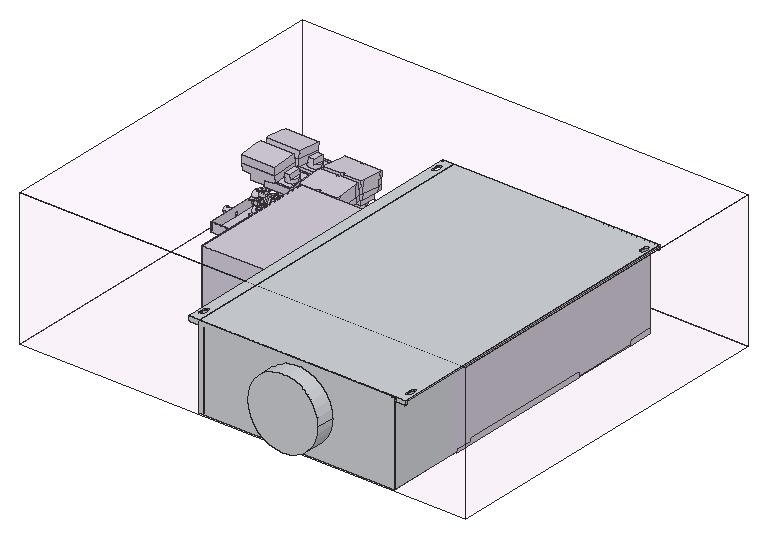
Revit family "02 - MAT235 - 200 DIS - Belimo ePIV Valves (With Bypass)", category Mechanical Equipment, host Ceiling, Revit 2018 (continued)
Definition of nested family "ePIV Valve Assembly (With Bypass)"
  Definition of nested family "FlowCon Bypass"
    Automatic sketch dimensions
      Extrusion 21 sketch curve to Extrusion 21 sketch curve = 7.794 mm
      Extrusion 21 sketch curve to Extrusion 21 sketch curve = 13.50 mm  (x3)
      Extrusion 22 sketch curve to Revolve 3 = 0.00 mm  (x2)
      Revolve 3 to Extrusion 22 sketch curve = 6.35 mm
      Extrusion 22 sketch curve to Revolve 3 = 6.35 mm
      Extrusion 22 sketch curve to Extrusion 22 sketch curve = 3.666 mm  (x3)
      Extrusion 22 sketch curve to Extrusion 22 sketch curve = 7.332 mm  (x2)
      Extrusion 23 sketch curve to Revolve 3 = 0.00 mm  (x2)
      Revolve 3 to Extrusion 23 sketch curve = 6.35 mm
      Extrusion 23 sketch curve to Revolve 3 = 6.35 mm
      Extrusion 23 sketch curve to Extrusion 23 sketch curve = 3.666 mm  (x3)
      Extrusion 23 sketch curve to Extrusion 23 sketch curve = 7.332 mm  (x2)
      Extrusion 24 sketch curve to Revolve 2 = 0.00 mm
      Extrusion 24 sketch curve to Extrusion 24 sketch curve = 40.00 mm
      Revolve 26 sketch curve to level = 0.00 mm  (x2)
      Revolve 26 sketch curve to plane 5 = 0.00 mm
      Revolve 26 sketch curve to plane 6 = 0.00 mm
      Revolve 26 sketch curve to plane 7 "Centre" = 6.50 mm
      Revolve 26 sketch curve to plane 1 "Center (Front/Back)" = 15.00 mm
      Revolve 26 sketch curve to Revolve 26 sketch curve = 4.00 mm
      Revolve 26 sketch curve to Revolve 26 sketch curve = 3.00 mm
      Revolve 26 sketch curve to plane 5 = 10.00 mm
      Revolve 26 sketch curve to Revolve 26 sketch curve = 12.973 mm
      Revolve 27 sketch curve to plane 1 "Center (Front/Back)" = 0.00 mm  (x2)
      Revolve 27 sketch curve to plane 1 "Center (Front/Back)" = 11.50 mm
      plane 4 to Revolve 27 sketch curve = 22.00 mm
      Revolve 27 sketch curve to Revolve 27 sketch curve = 5.00 mm
      Revolve 27 sketch curve to Revolve 27 sketch curve = 16.00 mm
      Extrusion 28 sketch curve to level = 0.00 mm
      Extrusion 28 sketch curve to plane 1 "Center (Front/Back)" = 0.00 mm  (x2)
      Extrusion 28 sketch curve to plane 4 = 0.00 mm
      Extrusion 29 sketch curve to Extrusion 29 sketch curve = 0.00 mm  (x12)
      plane 1 "Center (Front/Back)" to Extrusion 29 sketch curve = 0.00 mm
      Extrusion 29 sketch curve to plane 8 = 33.00 mm
      Extrusion 29 sketch curve to Extrusion 29 sketch curve = 9.50 mm
      Extrusion 29 sketch curve to Extrusion 29 sketch curve = 2.00 mm
      Extrusion 32 sketch curve to Extrusion 32 sketch curve = 0.00 mm
      Extrusion 32 sketch curve to Extrusion 32 sketch curve = 11.00 mm  (x2)
      Extrusion 32 sketch curve to Extrusion 32 sketch curve = 2.00 mm
      Extrusion 32 sketch curve to Extrusion 32 sketch curve = 38.00 mm
      Extrusion 32 sketch curve to Extrusion 32 sketch curve = 1.00 mm  (x2)
      Extrusion 33 sketch curve to Extrusion 33 sketch curve = 4.50 mm
      Extrusion 33 sketch curve to Extrusion 33 sketch curve = 9.00 mm  (x2)
      Extrusion 33 sketch curve to Extrusion 33 sketch curve = 4.00 mm  (x2)
      Extrusion 33 sketch curve to Extrusion 33 sketch curve = 3.00 mm  (x2)
      Extrusion 33 sketch curve to Extrusion 33 sketch curve = 15.50 mm
      Extrusion 33 sketch curve to Extrusion 33 sketch curve = 2.00 mm  (x3)
      Extrusion 33 sketch curve to Extrusion 33 sketch curve = 0.70 mm
      Extrusion 33 sketch curve to Extrusion 33 sketch curve = 7.30 mm
      Extrusion 33 sketch curve to Extrusion 33 sketch curve = 13.00 mm
      Extrusion 33 sketch curve to Extrusion 33 sketch curve = 3.15 mm
      Extrusion 33 sketch curve to Extrusion 33 sketch curve = 6.15 mm
      Extrusion 34 to Extrusion 35 sketch curve = 0.00 mm
      Extrusion 35 sketch curve to Extrusion 34 = 0.00 mm  (x5)
      Extrusion 34 to Extrusion 35 sketch curve = 1.50 mm  (x4)
      Extrusion 34 to Extrusion 35 sketch curve = 11.00 mm
      Extrusion 35 sketch curve to Extrusion 35 sketch curve = 1.50 mm  (x2)
      Extrusion 35 sketch curve to Extrusion 35 sketch curve = 6.00 mm
      Extrusion 35 sketch curve to Extrusion 34 = 1.50 mm  (x2)
      Extrusion 36 sketch curve to Extrusion 33 = 0.00 mm  (x7)
      Extrusion 33 to Extrusion 36 sketch curve = 0.00 mm
      Extrusion 37 sketch curve to Extrusion 36 = 0.00 mm  (x4)
      Extrusion 37 sketch curve to Extrusion 37 sketch curve = 1.50 mm  (x2)
      Extrusion 37 sketch curve to Extrusion 36 = 1.50 mm  (x2)
      Extrusion 38 sketch curve to Extrusion 38 sketch curve = 4.50 mm
      Extrusion 38 sketch curve to Extrusion 38 sketch curve = 9.00 mm  (x2)
      Extrusion 38 sketch curve to Extrusion 38 sketch curve = 4.00 mm  (x2)
      Extrusion 38 sketch curve to Extrusion 38 sketch curve = 3.00 mm  (x2)
      Extrusion 38 sketch curve to Extrusion 38 sketch curve = 15.50 mm
      Extrusion 38 sketch curve to Extrusion 38 sketch curve = 2.00 mm  (x3)
      Extrusion 38 sketch curve to Extrusion 38 sketch curve = 0.70 mm
      Extrusion 38 sketch curve to Extrusion 38 sketch curve = 7.30 mm
      Extrusion 38 sketch curve to Extrusion 38 sketch curve = 13.00 mm
      Extrusion 38 sketch curve to Extrusion 38 sketch curve = 3.15 mm
      Extrusion 38 sketch curve to Extrusion 38 sketch curve = 6.15 mm
      Extrusion 39 sketch curve to Extrusion 33 = 0.00 mm  (x4)
      Extrusion 33 to Extrusion 39 sketch curve = 17.85 mm
      Extrusion 39 sketch curve to Extrusion 39 sketch curve = 2.70 mm
      Extrusion 39 sketch curve to Extrusion 39 sketch curve = 16.45 mm
      Extrusion 39 sketch curve to Extrusion 39 sketch curve = 3.00 mm
      Extrusion 40 sketch curve to Extrusion 33 = 0.00 mm  (x4)
      Extrusion 33 to Extrusion 40 sketch curve = 18.55 mm
      Extrusion 40 sketch curve to Extrusion 40 sketch curve = 2.00 mm
      Extrusion 40 sketch curve to Extrusion 40 sketch curve = 0.00 mm
      Extrusion 40 sketch curve to Extrusion 40 sketch curve = 7.30 mm
      Extrusion 41 sketch curve to Extrusion 39 = 0.00 mm  (x5)
      Extrusion 39 to Extrusion 41 sketch curve = 0.00 mm
      Extrusion 39 to Extrusion 41 sketch curve = 1.50 mm  (x4)
      Extrusion 41 sketch curve to Extrusion 41 sketch curve = 11.00 mm
      Extrusion 41 sketch curve to Extrusion 41 sketch curve = 1.50 mm  (x2)
      Extrusion 41 sketch curve to Extrusion 41 sketch curve = 6.00 mm
      Extrusion 41 sketch curve to Extrusion 39 = 1.50 mm  (x2)
      Extrusion 42 sketch curve to Extrusion 40 = 0.00 mm  (x4)
      Extrusion 40 to Extrusion 42 sketch curve = 1.50 mm
      Extrusion 42 sketch curve to Extrusion 40 = 1.50 mm  (x3)
      Extrusion 36 to Extrusion 43 sketch curve = 3.50 mm  (x4)
      Extrusion 43 sketch curve to Extrusion 36 = 1.50 mm  (x4)
      Extrusion 36 to Extrusion 43 sketch curve = 1.526 mm
      Extrusion 43 sketch curve to Extrusion 36 = 2.887 mm  (x2)
      Extrusion 36 to Extrusion 43 sketch curve = 2.887 mm  (x2)
      Extrusion 43 sketch curve to Extrusion 43 sketch curve = 2.887 mm  (x4)
      Extrusion 43 sketch curve to Extrusion 43 sketch curve = 28.453 mm
      Extrusion 43 sketch curve to Extrusion 43 sketch curve = 5.774 mm  (x2)
      Extrusion 45 sketch curve to Revolve 26 = 0.00 mm
      Extrusion 45 sketch curve to Extrusion 45 sketch curve = 40.00 mm
      Extrusion 46 sketch curve to plane 11 = 0.00 mm
      plane 1 "Center (Front/Back)" to Extrusion 46 sketch curve = 0.50 mm
      Extrusion 46 sketch curve to plane 11 = 10.50 mm
      plane 11 to Extrusion 46 sketch curve = 10.50 mm
      Extrusion 46 sketch curve to plane 1 "Center (Front/Back)" = 0.50 mm
      Revolve 25 sketch curve to plane 4 = 0.00 mm  (x2)
      Revolve 25 sketch curve to plane 5 = 0.00 mm
      Revolve 25 sketch curve to plane 6 = 0.00 mm
      Revolve 25 sketch curve to plane 1 "Center (Front/Back)" = 15.00 mm
      Revolve 25 sketch curve to Revolve 25 sketch curve = 3.00 mm
      Revolve 25 sketch curve to plane 5 = 5.00 mm
      Revolve 25 sketch curve to Revolve 25 sketch curve = 7.148 mm
      Revolve 25 to Extrusion 44 sketch curve = 7.794 mm  (x2)
      Revolve 25 to Extrusion 44 sketch curve = 15.588 mm
      Extrusion 44 sketch curve to Extrusion 44 sketch curve = 13.50 mm  (x3)
      Extrusion 44 sketch curve to Revolve 25 = 15.588 mm
      Extrusion 44 sketch curve to Revolve 25 = 7.794 mm  (x2)
      Revolve 25 to Extrusion 49 sketch curve = 0.00 mm
      Extrusion 49 sketch curve to Extrusion 49 sketch curve = 66.00 mm
      Extrusion 49 sketch curve to Extrusion 49 sketch curve = 0.00 mm  (x2)
      Extrusion 49 sketch curve to Extrusion 49 sketch curve = 40.00 mm  (x2)
      radius of Extrusion 4 sketch curve = 8.00 mm  (x2)
      radius of Extrusion 6 sketch curve to Extrusion 4 = 0.50 mm  (x2)
      radius of Extrusion 7 sketch curve to Extrusion 6 = 0.50 mm  (x2)
      radius of Extrusion 24 sketch curve to Revolve 2 = 4.25 mm
      radius of Extrusion 24 sketch curve = 9.25 mm
      radius of Extrusion 28 sketch curve = 8.00 mm  (x2)
      radius of Extrusion 30 sketch curve to Extrusion 28 = 0.50 mm  (x2)
      radius of Extrusion 31 sketch curve to Extrusion 30 = 0.50 mm  (x2)
      radius of Extrusion 45 sketch curve to Revolve 26 = 4.25 mm
      radius of Extrusion 45 sketch curve = 9.25 mm
      radius of Extrusion 49 sketch curve to Revolve 25 = 4.25 mm
      radius of Extrusion 49 sketch curve = 9.25 mm  (x3)
Types (20, lengths in mm): name | Intake Width | Right Side Clearance | RH Components Visible | Overall Width | No of Outlet Connections | Left Side Clearance | LH Components Visible | Handing | FCU Width | DS_5 | DS_4 | DS_3 | DS_2 | Circular Spigot Spacing | Circular Spigot Position | S_No
  MAT235 - Size 100 LH | 530.00 | 10.00 | no | 1102.00 | 1 | 636.00 | yes | "LH" | 616.00 | no | no | no | no | 555.00 | 308.00 | 1
  MAT235 - Size 100 RH | 530.00 | 636.00 | yes | 1102.00 | 1 | 10.00 | no | "RH" | 616.00 | no | no | no | no | 555.00 | 308.00 | 1
  MAT235 - Size 200 LH | 830.00 | 10.00 | no | 1402.00 | 1 | 636.00 | yes | "LH" | 916.00 | no | no | no | no | 855.00 | 458.00 | 1
  MAT235 - Size 200 RH | 830.00 | 636.00 | yes | 1402.00 | 1 | 10.00 | no | "RH" | 916.00 | no | no | no | no | 855.00 | 458.00 | 1
  MAT235 - Size 250 LH | 830.00 | 10.00 | no | 1402.00 | 2 | 636.00 | yes | "LH" | 916.00 | no | no | no | yes | 430.00 | 243.00 | 2
  MAT235 - Size 250 RH | 830.00 | 636.00 | yes | 1402.00 | 2 | 10.00 | no | "RH" | 916.00 | no | no | no | yes | 430.00 | 243.00 | 2
  MAT235 - Size 300 LH | 1130.00 | 10.00 | no | 1702.00 | 2 | 636.00 | yes | "LH" | 1216.00 | no | no | no | yes | 580.00 | 318.00 | 2
  MAT235 - Size 300 RH | 1130.00 | 636.00 | yes | 1702.00 | 2 | 10.00 | no | "RH" | 1216.00 | no | no | no | yes | 580.00 | 318.00 | 2
  MAT235 - Size 350 LH | 1130.00 | 10.00 | no | 1702.00 | 3 | 636.00 | yes | "LH" | 1216.00 | no | no | yes | yes | 385.00 | 223.00 | 3
  MAT235 - Size 350 RH | 1130.00 | 636.00 | yes | 1702.00 | 3 | 10.00 | no | "RH" | 1216.00 | no | no | yes | yes | 385.00 | 223.00 | 3
  MAT235 - Size 400 LH | 1430.00 | 10.00 | no | 2002.00 | 3 | 636.00 | yes | "LH" | 1516.00 | no | no | yes | yes | 485.00 | 273.00 | 3
  MAT235 - Size 400 RH | 1430.00 | 636.00 | yes | 2002.00 | 3 | 10.00 | no | "RH" | 1516.00 | no | no | yes | yes | 485.00 | 273.00 | 3
  MAT235 - Size 500 LH | 1730.00 | 10.00 | no | 2302.00 | 3 | 636.00 | yes | "LH" | 1816.00 | no | no | yes | yes | 585.00 | 323.00 | 3
  MAT235 - Size 500 RH | 1730.00 | 636.00 | yes | 2302.00 | 3 | 10.00 | no | "RH" | 1816.00 | no | no | yes | yes | 585.00 | 323.00 | 3
  MAT235 - Size 550 LH | 1730.00 | 10.00 | no | 2302.00 | 4 | 636.00 | yes | "LH" | 1816.00 | no | yes | yes | yes | 440.00 | 248.00 | 4
  MAT235 - Size 550 RH | 1730.00 | 636.00 | yes | 2302.00 | 4 | 10.00 | no | "RH" | 1816.00 | no | yes | yes | yes | 440.00 | 248.00 | 4
  MAT235 - Size 600 LH | 2030.00 | 10.00 | no | 2602.00 | 4 | 636.00 | yes | "LH" | 2116.00 | no | yes | yes | yes | 515.00 | 285.50 | 4
  MAT235 - Size 600 RH | 2030.00 | 636.00 | yes | 2602.00 | 4 | 10.00 | no | "RH" | 2116.00 | no | yes | yes | yes | 515.00 | 285.50 | 4
  MAT235 - Size 650 LH | 2030.00 | 10.00 | no | 2602.00 | 5 | 636.00 | yes | "LH" | 2116.00 | yes | yes | yes | yes | 410.00 | 238.00 | 5
  MAT235 - Size 650 RH | 2030.00 | 636.00 | yes | 2602.00 | 5 | 10.00 | no | "RH" | 2116.00 | yes | yes | yes | yes | 410.00 | 238.00 | 5
